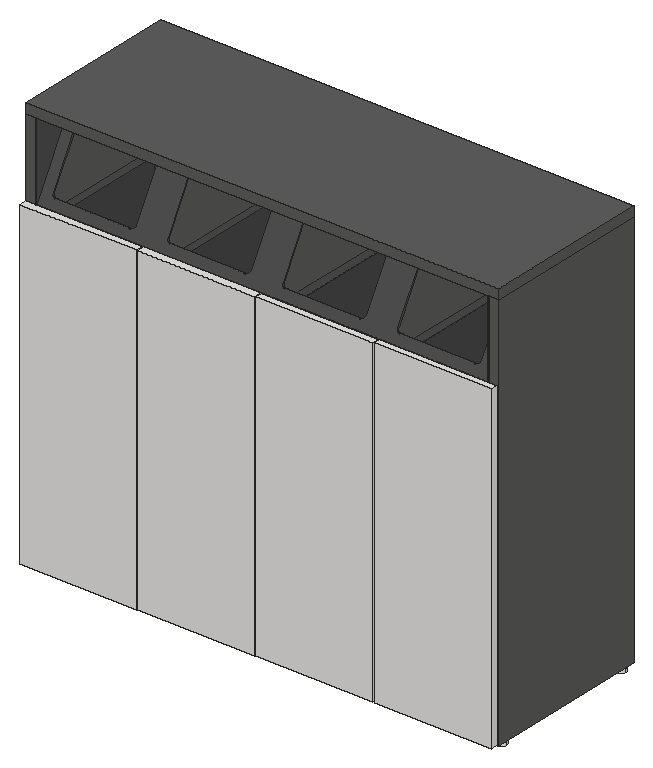
Revit family "Storage-Teknion-CESRUS_Recycling_Disposal_Unit_Standard_Bins-R2023", category Furniture, Revit 2023 (continued)
Dimensions and locks (in)
  aligned and locked: plane 10 to nested 1
  aligned and locked: nested 1 to plane 13
  aligned and locked: nested 2 to plane 13
  aligned and locked: plane 10 to nested 2
  aligned and locked: nested 4 to plane 13
  aligned and locked: plane 3 "Center Left/Right" to nested 4
  aligned and locked: plane 10 to nested 4
  aligned and locked: plane 10 to nested 3
  aligned and locked: plane 10 to nested 5
  aligned and locked: nested 3 to plane 13
  aligned and locked: nested 5 to plane 13
  aligned and locked: curve 36 to nested 2
  aligned and locked: curve 38 to nested 2
  aligned and locked: curve 40 to nested 2
  aligned and locked: curve 42 to nested 2
  aligned and locked: curve 44 to nested 2
  aligned and locked: curve 46 to nested 2
  aligned and locked: curve 48 to nested 2
  aligned and locked: curve 50 to nested 2
  aligned and locked: curve 52 to nested 2
  aligned and locked: curve 54 to nested 2
  aligned and locked: curve 56 to nested 2
  aligned and locked: curve 58 to nested 2
  aligned and locked: curve 60 to nested 1
  aligned and locked: curve 62 to nested 1
  aligned and locked: curve 64 to nested 1
  aligned and locked: curve 66 to nested 1
  aligned and locked: curve 68 to nested 1
  aligned and locked: curve 70 to nested 1
  aligned and locked: curve 72 to nested 1
  aligned and locked: curve 74 to nested 1
  aligned and locked: curve 76 to nested 1
  aligned and locked: curve 78 to nested 1
  aligned and locked: curve 80 to nested 1
  aligned and locked: curve 82 to nested 1
  aligned and locked: curve 84 to nested 4
  aligned and locked: curve 86 to nested 4
  aligned and locked: curve 88 to nested 4
  aligned and locked: curve 90 to nested 4
  aligned and locked: curve 92 to nested 4
  aligned and locked: curve 94 to nested 4
  aligned and locked: curve 96 to nested 4
  aligned and locked: curve 98 to nested 4
  aligned and locked: curve 100 to nested 4
  aligned and locked: curve 102 to nested 4
  aligned and locked: curve 104 to nested 4
  aligned and locked: curve 106 to nested 4
  aligned and locked: curve 108 to nested 3
  aligned and locked: curve 110 to nested 3
  aligned and locked: curve 112 to nested 3
  aligned and locked: curve 114 to nested 3
  aligned and locked: curve 116 to nested 3
  aligned and locked: curve 118 to nested 3
  aligned and locked: curve 120 to nested 3
  aligned and locked: curve 122 to nested 3
  aligned and locked: curve 124 to nested 3
  aligned and locked: curve 126 to nested 3
  aligned and locked: curve 128 to nested 3
  aligned and locked: curve 130 to nested 3
  aligned and locked: curve 132 to nested 5
  aligned and locked: curve 134 to nested 5
  aligned and locked: curve 136 to nested 5
  aligned and locked: curve 138 to nested 5
  aligned and locked: curve 140 to nested 5
  aligned and locked: curve 142 to nested 5
  aligned and locked: curve 144 to nested 5
  aligned and locked: curve 146 to nested 5
  aligned and locked: curve 148 to nested 5
  aligned and locked: curve 150 to nested 5
  aligned and locked: curve 152 to nested 5
  aligned and locked: curve 154 to nested 5
  aligned and locked: curve 156 to cut or joined group of Sweep 6, Sweep 19, Sweep 20, Sweep 21, Sweep 23, Sweep 24, Sweep 25
  aligned and locked: cut or joined group of Sweep 6, Sweep 19, Sweep 20, Sweep 21, Sweep 23, Sweep 24, Sweep 25 to curve 159
  aligned and locked: curve 162 to cut or joined group of Sweep 6, Sweep 19, Sweep 20, Sweep 21, Sweep 23, Sweep 24, Sweep 25
  aligned and locked: cut or joined group of Sweep 6, Sweep 19, Sweep 20, Sweep 21, Sweep 23, Sweep 24, Sweep 25 to curve 165
  aligned and locked: cut or joined group of Sweep 6, Sweep 19, Sweep 20, Sweep 21, Sweep 23, Sweep 24, Sweep 25 to curve 168
  aligned and locked: cut or joined group of Sweep 6, Sweep 19, Sweep 20, Sweep 21, Sweep 23, Sweep 24, Sweep 25 to curve 171
  aligned and locked: cut or joined group of Sweep 6, Sweep 19, Sweep 20, Sweep 21, Sweep 23, Sweep 24, Sweep 25 to curve 177
  aligned and locked: cut or joined group of Sweep 6, Sweep 19, Sweep 20, Sweep 21, Sweep 23, Sweep 24, Sweep 25 to curve 174
  aligned and locked: cut or joined group of Sweep 6, Sweep 19, Sweep 20, Sweep 21, Sweep 23, Sweep 24, Sweep 25 to curve 183
  aligned and locked: curve 180 to cut or joined group of Sweep 6, Sweep 19, Sweep 20, Sweep 21, Sweep 23, Sweep 24, Sweep 25
  aligned and locked: Sweep 23 to curve 157
  aligned and locked: curve 155 to Sweep 23
  aligned and locked: curve 158 to Sweep 23
  aligned and locked: Sweep 23 to curve 160
  aligned and locked: Sweep 24 to curve 184
  aligned and locked: curve 182 to Sweep 24
  aligned and locked: Sweep 24 to curve 181
  aligned and locked: curve 179 to Sweep 24
  aligned and locked: Sweep 23 to curve 178
  aligned and locked: curve 176 to Sweep 23
  aligned and locked: Sweep 23 to curve 175
  aligned and locked: curve 173 to Sweep 23
  aligned and locked: Sweep 25 to curve 166
  aligned and locked: curve 164 to Sweep 25
  aligned and locked: Sweep 25 to curve 163
  aligned and locked: curve 161 to Sweep 25
  aligned and locked: curve 167 to Sweep 25
  aligned and locked: Sweep 25 to curve 169
  aligned and locked: curve 170 to Sweep 25
  aligned and locked: Sweep 25 to curve 172
  aligned and locked: curve 185 to Sweep 5
  aligned and locked: curve 190 to cut or joined group of Sweep 13, Sweep 14, Sweep 15, Sweep 16, Sweep 17, Sweep 18
  aligned and locked: curve 191 to cut or joined group of Sweep 13, Sweep 14, Sweep 15, Sweep 16, Sweep 17, Sweep 18
  aligned and locked: curve 192 to cut or joined group of Sweep 13, Sweep 14, Sweep 15, Sweep 16, Sweep 17, Sweep 18
  aligned and locked: curve 193 to cut or joined group of Sweep 13, Sweep 14, Sweep 15, Sweep 16, Sweep 17, Sweep 18
  aligned and locked: curve 202 to cut or joined group of Sweep 13, Sweep 14, Sweep 15, Sweep 16, Sweep 17, Sweep 18
  aligned and locked: curve 203 to cut or joined group of Sweep 13, Sweep 14, Sweep 15, Sweep 16, Sweep 17, Sweep 18
  aligned and locked: curve 206 to cut or joined group of Sweep 13, Sweep 14, Sweep 15, Sweep 16, Sweep 17, Sweep 18
  aligned and locked: curve 207 to cut or joined group of Sweep 13, Sweep 14, Sweep 15, Sweep 16, Sweep 17, Sweep 18
  aligned and locked: curve 213 to cut or joined group of Sweep 13, Sweep 14, Sweep 15, Sweep 16, Sweep 17, Sweep 18
  aligned and locked: cut or joined group of Sweep 13, Sweep 14, Sweep 15, Sweep 16, Sweep 17, Sweep 18 to curve 214
  aligned and locked: cut or joined group of Sweep 13, Sweep 14, Sweep 15, Sweep 16, Sweep 17, Sweep 18 to curve 217
  aligned and locked: curve 218 to cut or joined group of Sweep 13, Sweep 14, Sweep 15, Sweep 16, Sweep 17, Sweep 18
  aligned and locked: cut or joined group of Sweep 13, Sweep 14, Sweep 15, Sweep 16, Sweep 17, Sweep 18 to curve 223
  aligned and locked: curve 224 to cut or joined group of Sweep 13, Sweep 14, Sweep 15, Sweep 16, Sweep 17, Sweep 18
  aligned and locked: nested 7 to plane 6 "Back"
  aligned and locked: nested 7 to plane 5 "Right"
  aligned and locked: plane 7 "Front" to nested 8
  aligned and locked: nested 8 to plane 5 "Right"
  aligned and locked: nested 9 to plane 4 "Left"
  aligned and locked: nested 9 to plane 7 "Front"
  aligned and locked: nested 10 to plane 3 "Center Left/Right"
  aligned and locked: plane 7 "Front" to nested 10
  aligned and locked: plane 7 "Front" to nested 12
  aligned and locked: plane 7 "Front" to nested 11
  aligned and locked: plane 7 "Front" to nested 13
  aligned and locked: plane 7 "Front" to nested 14
  aligned and locked: nested 6 to plane 6 "Back"
  aligned and locked: plane 4 "Left" to nested 6
  aligned and locked: curve 229 to plane 6 "Back"
  aligned and locked: curve 230 to plane 4 "Left"
  aligned and locked: plane 7 "Front" to curve 231
  aligned and locked: plane 5 "Right" to curve 232
Automatic sketch dimensions
  Sweep 16 sketch curve to profile plane = 0.000"  (x4)
  profile plane to Sweep 16 sketch curve = 5.9626"  (x2)
  Sweep 16 sketch curve to Sweep 16 sketch curve = 5.9626"
  Sweep 16 sketch curve to Sweep 16 sketch curve = 0.3937"  (x4)
  Sweep 16 sketch curve to profile plane = 0.3937"
  Sweep 16 sketch curve to Sweep 16 sketch curve = 7.7126"  (x2)
  Sweep 16 sketch curve to plane 3 "Center Left/Right" = 21.75098"
  plane 3 "Center Left/Right" to Sweep 16 sketch curve = 13.25098"
  Sweep 17 sketch curve to profile plane = 0.000"  (x2)
  profile plane to Sweep 17 sketch curve = 0.3937"  (x3)
  Sweep 17 sketch curve to Sweep 17 sketch curve = 0.3937"  (x5)
  Sweep 17 sketch curve to plane 3 "Center Left/Right" = 1.58366"
  Sweep 17 sketch curve to Sweep 17 sketch curve = 5.9626"  (x2)
  Sweep 17 sketch curve to Sweep 17 sketch curve = 7.7126"  (x2)
  plane 3 "Center Left/Right" to Sweep 17 sketch curve = 1.97736"
  profile plane to Sweep 18 sketch curve = 0.06102"  (x3)
  Sweep 18 sketch curve to profile plane = 0.33268"  (x6)
  Sweep 18 sketch curve to Sweep 18 sketch curve = 6.02362"  (x4)
  Sweep 18 sketch curve to Sweep 18 sketch curve = 0.3937"  (x3)
  Sweep 18 sketch curve to plane 3 "Center Left/Right" = 15.80643"
  Sweep 18 sketch curve to plane 3 "Center Left/Right" = 7.70013"
  Sweep 18 sketch curve to Sweep 18 sketch curve = 0.000"  (x2)
  Sweep 18 sketch curve to Sweep 18 sketch curve = 3.05643"  (x2)
  plane 3 "Center Left/Right" to Sweep 18 sketch curve = 3.8563"
  Sweep 18 sketch curve to Sweep 18 sketch curve = 7.7126"
  plane 3 "Center Left/Right" to Sweep 21 sketch curve = 12.000"
  Sweep 22 sketch curve to Sweep 22 sketch curve = 0.500"  (x4)
  Sweep 22 sketch curve to Sweep 22 sketch curve = 0.000"  (x8)
  Sweep 23 sketch curve to Sweep 23 sketch curve = 0.15748"  (x4)
  Sweep 23 sketch curve to Sweep 23 sketch curve = 0.000"  (x8)
  Sweep 24 sketch curve to Sweep 24 sketch curve = 0.15748"  (x2)
  Sweep 24 sketch curve to Sweep 24 sketch curve = 1.83071"
  Sweep 24 sketch curve to Sweep 24 sketch curve = 0.000"  (x3)
  Sweep 25 sketch curve to Sweep 25 sketch curve = 0.15748"  (x4)
  Sweep 25 sketch curve to Sweep 25 sketch curve = 0.000"  (x8)
  plane 7 "Front" to curve 155 = 0.000"
  plane 7 "Front" to curve 157 = 0.000"
  plane 7 "Front" to curve 158 = 0.000"
  plane 7 "Front" to curve 160 = 0.000"
  plane 7 "Front" to curve 179 = 0.000"
  plane 7 "Front" to curve 181 = 0.000"
  plane 7 "Front" to curve 182 = 0.000"
  plane 7 "Front" to curve 184 = 0.000"
  plane 7 "Front" to curve 173 = 0.000"
  plane 7 "Front" to curve 175 = 0.000"
  plane 7 "Front" to curve 176 = 0.000"
  plane 7 "Front" to curve 178 = 0.000"
  plane 7 "Front" to curve 163 = 0.000"
  plane 7 "Front" to curve 164 = 0.000"
  plane 7 "Front" to curve 166 = 0.000"
  plane 7 "Front" to curve 161 = 0.000"
  plane 7 "Front" to curve 172 = 0.000"
  plane 7 "Front" to curve 167 = 0.000"
  plane 7 "Front" to curve 169 = 0.000"
  plane 7 "Front" to curve 170 = 0.000"
  curve 3 to plane 6 "Back" = 0.000"
  curve 2 to plane 6 "Back" = 0.000"
  curve 19 to curve 24 = 0.000"
  curve 182 to curve 9 = 1.44173"
  curve 180 to curve 8 = 1.44173"
  curve 27 to curve 27 = 0.000"
  curve 109 to curve 27 = 0.08661"
  curve 29 to curve 30 = 0.000"
  curve 137 to curve 29 = 0.08661"
  curve 31 to curve 1 = 0.29921"
  curve 31 to curve 31 = 0.000"
  curve 34 to curve 1 = 0.29921"
  curve 33 to curve 33 = 0.000"
  curve 185 to plane 4 "Left" = 0.000"
  curve 185 to plane 5 "Right" = 0.000"
  curve 202 to plane 7 "Front" = 1.33858"
  curve 63 to curve 208 = 0.37402"
  curve 196 to plane 7 "Front" = 1.33858"
  curve 41 to curve 191 = 0.37402"
  curve 50 to curve 187 = 2.19544"
  curve 192 to curve 10 = 1.14196"
  curve 80 to curve 207 = 2.19544"
  curve 152 to curve 199 = 2.19544"
  curve 194 to curve 210 = 0.3937"
  curve 210 to curve 194 = 0.3937"
  curve 188 to curve 189 = 0.04091"
  curve 200 to curve 201 = 0.04091"
  curve 207 to curve 209 = 0.04091"
  curve 192 to curve 197 = 0.04091"
  curve 198 to curve 199 = 0.04091"
  curve 210 to curve 192 = 0.04091"
  curve 186 to curve 187 = 0.04091"
  curve 204 to curve 205 = 0.04091"
  curve 194 to curve 193 = 0.04091"
  curve 171 to curve 228 = 1.94173"
  curve 161 to curve 214 = 1.94173"
  curve 87 to curve 217 = 0.37402"
  curve 217 to curve 222 = 0.04091"
  curve 224 to curve 227 = 0.04091"
  curve 104 to curve 219 = 2.15453"
  curve 225 to curve 205 = 0.04091"
  curve 225 to curve 224 = 0.04091"
  curve 219 to curve 217 = 0.04091"
  curve 210 to curve 214 = 0.04091"
  curve 211 to curve 212 = 0.04091"
  curve 215 to curve 213 = 0.04091"
Nested families (in)
  nested 1: "Bin" at (35.4859, 0, 0), visible <- "Q - Quad", type "Bin"
    with To render please download texture images found here "https://assets.teknion.com/web/5e81352c1dfdb467/revit-material-swatches/", How To Use Teknion Materials User Guide "https://assets.teknion.com/m/205dd0a49fa58060/original/How-to-add-a-Material-Library-and-Texture-Images-to-your-Revit-project.pdf", For Additional Finishes please visit "https://assets.teknion.com/m/44a8009b046e5d47/original/Teknion_Materials_Library.zip"
  nested 2: "Bin" at (0.15157, 0, 0), visible <- "Q - Quad", type "Bin"
    with To render please download texture images found here "https://assets.teknion.com/web/5e81352c1dfdb467/revit-material-swatches/", How To Use Teknion Materials User Guide "https://assets.teknion.com/m/205dd0a49fa58060/original/How-to-add-a-Material-Library-and-Texture-Images-to-your-Revit-project.pdf", For Additional Finishes please visit "https://assets.teknion.com/m/44a8009b046e5d47/original/Teknion_Materials_Library.zip"
  nested 3: "Bin" at (12.0689, 0, 0), type "Bin"
    with To render please download texture images found here "https://assets.teknion.com/web/5e81352c1dfdb467/revit-material-swatches/", How To Use Teknion Materials User Guide "https://assets.teknion.com/m/205dd0a49fa58060/original/How-to-add-a-Material-Library-and-Texture-Images-to-your-Revit-project.pdf", For Additional Finishes please visit "https://assets.teknion.com/m/44a8009b046e5d47/original/Teknion_Materials_Library.zip"
  nested 4: "Bin" at (17.8189, 0, 0), visible <- "T - Triple", type "Bin"
    with To render please download texture images found here "https://assets.teknion.com/web/5e81352c1dfdb467/revit-material-swatches/", How To Use Teknion Materials User Guide "https://assets.teknion.com/m/205dd0a49fa58060/original/How-to-add-a-Material-Library-and-Texture-Images-to-your-Revit-project.pdf", For Additional Finishes please visit "https://assets.teknion.com/m/44a8009b046e5d47/original/Teknion_Materials_Library.zip"
  nested 5: "Bin" at (23.5689, 0, 0), type "Bin"
    with To render please download texture images found here "https://assets.teknion.com/web/5e81352c1dfdb467/revit-material-swatches/", How To Use Teknion Materials User Guide "https://assets.teknion.com/m/205dd0a49fa58060/original/How-to-add-a-Material-Library-and-Texture-Images-to-your-Revit-project.pdf", For Additional Finishes please visit "https://assets.teknion.com/m/44a8009b046e5d47/original/Teknion_Materials_Library.zip"
  nested 6: "Teknion_2D_Node_Family-R2016" at (0, -6, 0), type "Teknion_2D_Node_Family-R2016"
  nested 7: "Teknion_2D_Node_Family-R2016" at (48, -6, 0), type "Teknion_2D_Node_Family-R2016"
  nested 8: "Teknion_2D_Node_Family-R2016" at (48, -24, 0), type "Teknion_2D_Node_Family-R2016"
  nested 9: "Teknion_2D_Node_Family-R2016" at (0, -24, 0), type "Teknion_2D_Node_Family-R2016"
  nested 10: "Teknion_2D_Node_Family-R2016" at (24, -24, 0), visible <- "2D & Node - Symbol - 3 Doors", type "Teknion_2D_Node_Family-R2016"
  nested 11: "Teknion_2D_Node_Family-R2016" at (18.25, -24, 0), visible <- "2D & Node - Symbol - 2 & 3 Doors", type "Teknion_2D_Node_Family-R2016"
  nested 12: "Teknion_2D_Node_Family-R2016" at (29.75, -24, 0), visible <- "2D & Node - Symbol - 2 & 3 Doors", type "Teknion_2D_Node_Family-R2016"
  nested 13: "Teknion_2D_Node_Family-R2016" at (6.33268, -24, 0), visible <- "2D & Node - Symbol - 4 Doors", type "Teknion_2D_Node_Family-R2016"
  nested 14: "Teknion_2D_Node_Family-R2016" at (41.667, -24, 0), visible <- "2D & Node - Symbol - 4 Doors", type "Teknion_2D_Node_Family-R2016"
Definition of nested family "Bin"
  Parameters (values of type "Bin")
    Warranty = "http://www.teknion.com/ca/papers/legal-canada"
    Unit Weight URL = "http://www.teknion.com/ca/tools/assets#&asset=bee6a381-b954-425e-8283-5a2de3a804f2,f828d448-4b62-4231-9e5f-9a8991c0ed77"
    URL = "www.teknion.com"
    To render please download texture images found here [instance] = "https://assets.teknion.com/web/5e81352c1dfdb467/revit-material-swatches/"
    Sustainability Data = "https://www.teknion.com/ca/tools/assets#&topic=216f99a5-57a0-44fc-b10a-9dee9b29ae4c&asset=444deb64-fe58-4b68-981e-f75e97781df7,b4ff2d81-9f2e-437d-9659-7cffb09c31cf"
    Series = ""
    Product Page URL = ""
    Product Line = ""
    Product Documentation Link = ""
    Part Number = ""
    Model = ""
    Manufacturer Phone = "416-661-3370"  # constant formula
    Manufacturer Fax = "416.661.4586"  # constant formula
    Manufacturer Contact Information = "http://www.teknion.com/ca/contactus"
    Manufacturer Address = "1150 Flint Road, Toronto, ON. M3J 2J5. Canada"  # constant formula
    Manufacturer = "Teknion"  # constant formula
    How To Use Teknion Materials User Guide [instance] = "https://assets.teknion.com/m/205dd0a49fa58060/original/How-to-add-a-Material-Library-and-Texture-Images-to-your-Revit-project.pdf"
    For Additional Finishes please visit [instance] = "https://assets.teknion.com/m/44a8009b046e5d47/original/Teknion_Materials_Library.zip"
    Description = "Bin"
    Default Elevation = 0.000"
    Assembly Code = "E2020200"
  Reference planes (in)
    plane 1 "Center Front/Back": y = -15.53543
    plane 2: z = 0
    plane 3 "Center Left/Right": x = 6.1811
    plane 4 "Left": x = 1.1811
    plane 5 "Right": x = 11.1811
    plane 6 "Back": y = -8.03543
    plane 7 "Front": y = -23.03543
    plane 8 "Top": z = 31.91102
    plane 9: z = 11.43858
  Forms (in)
    Sweep 1, solid
      path origin (0, -15.53543, 0) x (1, 0, 0) y (0, 0, 1)
        loop
          line (6.1811, 11.43858) -> (6.1811, 30.72992)
      profile origin (6.1811, -15.53543, 21.08425) x (-1, 0, 0) y (0, -1, 0)
        loop
          line (-4.40945, 5.98425) -> (-4.40945, -5.98425)
          arc (-4.40945, -5.98425) -> (-4.17882, -6.54103) -> (-3.62205, -6.77165) r 0.7874
          line (-3.62205, -6.77165) -> (3.62205, -6.77165)
          arc (3.62205, -6.77165) -> (4.17882, -6.54103) -> (4.40945, -5.98425) r 0.7874
          line (4.40945, -5.98425) -> (4.40945, 5.98425)
          arc (4.40945, 5.98425) -> (4.17882, 6.54103) -> (3.62205, 6.77165) r 0.7874
          line (3.62205, 6.77165) -> (-3.62205, 6.77165)
          arc (-3.62205, 6.77165) -> (-4.17882, 6.54103) -> (-4.40945, 5.98425) r 0.7874
    Sweep 2, solid
      path origin (0, -15.53543, 0) x (1, 0, 0) y (0, 0, 1)
        loop
          line (6.1811, 31.91102) -> (6.1811, 30.72992)
      profile origin (6.1811, -15.53543, 31.32047) x (0, -1, 0) y (1, 0, 0)
        loop
          line (6.7126, 5) -> (-6.7126, 5)
          arc (-6.7126, 5) -> (-7.26938, 4.76938) -> (-7.5, 4.2126) r 0.7874
          line (-7.5, 4.2126) -> (-7.5, -4.2126)
          arc (-7.5, -4.2126) -> (-7.26938, -4.76938) -> (-6.7126, -5) r 0.7874
          line (-6.7126, -5) -> (6.7126, -5)
          arc (6.7126, -5) -> (7.26938, -4.76938) -> (7.5, -4.2126) r 0.7874
          line (7.5, -4.2126) -> (7.5, 4.2126)
          arc (7.5, 4.2126) -> (7.26938, 4.76938) -> (6.7126, 5) r 0.7874
    Sweep 3, void
      path origin (0, -15.53543, 0) x (1, 0, 0) y (0, 0, 1)
        loop
          line (6.1811, 12.22598) -> (6.1811, 33.22598)
      profile origin (6.1811, -15.53543, 22.72598) x (-1, 0, 0) y (0, -1, 0)
        loop
          line (4.17323, -5.90551) -> (4.17323, 5.90551)
          arc (4.17323, 5.90551) -> (4.00026, 6.32309) -> (3.58268, 6.49606) r 0.59055
          line (3.58268, 6.49606) -> (-3.58268, 6.49606)
          arc (-3.58268, 6.49606) -> (-4.00026, 6.32309) -> (-4.17323, 5.90551) r 0.59055
          line (-4.17323, 5.90551) -> (-4.17323, -5.90551)
          arc (-4.17323, -5.90551) -> (-4.00026, -6.32309) -> (-3.58268, -6.49606) r 0.59055
          line (-3.58268, -6.49606) -> (3.58268, -6.49606)
          arc (3.58268, -6.49606) -> (4.00026, -6.32309) -> (4.17323, -5.90551) r 0.59055
  Cuts and joins
    Sweep 3 cuts Sweep 1
    Sweep 3 cuts Sweep 2
    joined: Sweep 1, Sweep 2
  Lines and regions (in)
    symbolic lines, detail levels medium+fine
      curve 1: line (10.3937, -8.03543, 0) -> (1.9685, -8.03543, 0)
      curve 2: arc (1.9685, -8.03543, 0) -> (1.41173, -8.26606, 0) -> (1.1811, -8.82283, 0) r 0.7874
      curve 3: line (1.1811, -8.82283, 0) -> (1.1811, -22.24803, 0)
      curve 4: arc (1.1811, -22.24803, 0) -> (1.41173, -22.80481, 0) -> (1.9685, -23.03543, 0) r 0.7874
      curve 5: line (1.9685, -23.03543, 0) -> (10.3937, -23.03543, 0)
      curve 6: arc (10.3937, -23.03543, 0) -> (10.95048, -22.80481, 0) -> (11.1811, -22.24803, 0) r 0.7874
      curve 7: line (11.1811, -22.24803, 0) -> (11.1811, -8.82283, 0)
      curve 8: arc (11.1811, -8.82283, 0) -> (10.95048, -8.26606, 0) -> (10.3937, -8.03543, 0) r 0.7874
      curve 9: line (2.59843, -9.03937, 0) -> (9.76378, -9.03937, 0)
      curve 10: arc (9.76378, -9.03937, 0) -> (10.18136, -9.21234, 0) -> (10.35433, -9.62992, 0) r 0.59055
      curve 11: line (10.35433, -9.62992, 0) -> (10.35433, -21.44094, 0)
      curve 12: arc (10.35433, -21.44094, 0) -> (10.18136, -21.85853, 0) -> (9.76378, -22.0315, 0) r 0.59055
      curve 13: line (9.76378, -22.0315, 0) -> (2.59843, -22.0315, 0)
      curve 14: arc (2.59843, -22.0315, 0) -> (2.18084, -21.85853, 0) -> (2.00787, -21.44094, 0) r 0.59055
      curve 15: line (2.00787, -21.44094, 0) -> (2.00787, -9.62992, 0)
      curve 16: arc (2.00787, -9.62992, 0) -> (2.18084, -9.21234, 0) -> (2.59843, -9.03937, 0) r 0.59055
      curve 17: line (9.80315, -8.76378, 0) -> (2.55906, -8.76378, 0)
      curve 18: line (1.77165, -9.55118, 0) -> (1.77165, -21.51969, 0)
      curve 19: line (2.55906, -22.30709, 0) -> (9.80315, -22.30709, 0)
      curve 20: arc (1.77165, -9.55118, 0) -> (2.00228, -8.9944, 0) -> (2.55906, -8.76378, 0) r 0.7874
      curve 21: arc (1.77165, -21.51969, 0) -> (2.00228, -22.07646, 0) -> (2.55906, -22.30709, 0) r 0.7874
      curve 22: arc (10.59055, -21.51969, 0) -> (10.35993, -22.07646, 0) -> (9.80315, -22.30709, 0) r 0.7874
      curve 23: arc (10.59055, -9.55118, 0) -> (10.35993, -8.9944, 0) -> (9.80315, -8.76378, 0) r 0.7874
      curve 24: line (10.59055, -21.51969, 0) -> (10.59055, -9.55118, 0)
  Dimensions and locks (in)
    plane 4 "Left" to plane 5 "Right" = 10.000"
    plane 6 "Back" to plane 7 "Front" = 15.000"
    plane 8 "Top" to level = 31.91102"
    equal spacing: plane 6 "Back", plane 1 "Center Front/Back", plane 7 "Front"
    equal spacing: plane 4 "Left", plane 3 "Center Left/Right", plane 5 "Right"
    locked: plane 9 to plane 2 at 11.43858
    aligned and locked: level to plane 2
    aligned and locked: curve 24 to cut or joined group of Sweep 1, Sweep 2, Sweep 3
  Automatic sketch dimensions
    Sweep 1 sketch curve to plane 3 "Center Left/Right" = 0.000"
    Sweep 1 sketch curve to plane 9 = 0.000"
    Sweep 1 sketch curve to plane 8 "Top" = 1.1811"
    profile plane to Sweep 1 sketch curve = 4.40945"
    Sweep 1 sketch curve to Sweep 1 sketch curve = 0.7874"  (x3)
    Sweep 1 sketch curve to profile plane = 3.62205"  (x2)
    Sweep 1 sketch curve to plane 1 "Center Front/Back" = 6.77165"
    plane 1 "Center Front/Back" to Sweep 1 sketch curve = 5.98425"
    Sweep 2 sketch curve to plane 3 "Center Left/Right" = 0.000"
    Sweep 2 sketch curve to plane 8 "Top" = 0.000"
    Sweep 2 sketch curve to Sweep 2 sketch curve = 1.1811"
    Sweep 2 sketch curve to plane 1 "Center Front/Back" = 7.500"
    Sweep 2 sketch curve to Sweep 2 sketch curve = 0.7874"  (x3)
    plane 1 "Center Front/Back" to Sweep 2 sketch curve = 6.7126"  (x2)
    profile plane to Sweep 2 sketch curve = 5.000"
    Sweep 2 sketch curve to profile plane = 4.2126"
    Sweep 3 sketch curve to plane 3 "Center Left/Right" = 0.000"
    plane 9 to Sweep 3 sketch curve = 0.7874"
    plane 8 "Top" to Sweep 3 sketch curve = 1.31496"
    profile plane to Sweep 3 sketch curve = 4.17323"
    Sweep 3 sketch curve to Sweep 3 sketch curve = 0.59055"  (x3)
    Sweep 3 sketch curve to profile plane = 3.58268"  (x2)
    Sweep 3 sketch curve to plane 1 "Center Front/Back" = 6.49606"
    plane 1 "Center Front/Back" to Sweep 3 sketch curve = 5.90551"
    curve 3 to plane 4 "Left" = 0.000"
    plane 7 "Front" to curve 4 = 0.000"
    curve 1 to plane 6 "Back" = 0.000"
    curve 8 to plane 5 "Right" = 0.000"
    plane 4 "Left" to curve 18 = 0.59055"
    plane 4 "Left" to curve 5 = 0.7874"
    plane 4 "Left" to curve 1 = 0.7874"
    curve 18 to curve 15 = 0.23622"
    curve 16 to curve 20 = 0.55118"
    curve 4 to curve 19 = 0.59055"
    curve 21 to curve 14 = 0.03937"
    curve 20 to curve 9 = 0.03937"
    plane 5 "Right" to curve 9 = 1.41732"
    curve 12 to curve 22 = 0.03937"
    curve 10 to curve 23 = 0.03937"
    curve 22 to curve 11 = 0.55118"
    plane 5 "Right" to curve 5 = 0.7874"
    curve 17 to curve 8 = 0.59055"
    curve 19 to curve 6 = 0.05906"
    curve 22 to curve 12 = 0.07874"
    curve 16 to curve 2 = 0.80709"
    curve 10 to curve 23 = 0.07874"
    curve 16 to curve 20 = 0.07874"
Definition of nested family "Teknion_2D_Node_Family-R2016"
  Reference planes (in)
    plane 1 "Center (Front/Back)": y = 0
    plane 2: z = 0
    plane 3 "Center (Left/Right)": x = 0
  Lines and regions (in)
    detail lines, in view "Ref. Level"
      curve 1: circle (0, 0, 0) r 1.25 normal (0, 0, 1)
      curve 2: line (1.91508, -1.91508, 0) -> (-1.91508, 1.91508, 0)
      curve 3: line (-1.91508, -1.91508, 0) -> (1.91508, 1.91508, 0)
Types (4): name | Width | T - Triple | Q - Quad | Opening Fascia Finish | Model | MR - 4 Doors | MR - 3 Doors | Hidden - Divider 3 | Hidden - Divider 2 | Hidden - Divider 1 | Front Finish | Divider 3 | Divider 2 | Divider 1 | Dim 3 | Dim 2 | Dim 1 | Description | D - Dual | Cut-Out - 4 Bins | Cut-Out - 3 Bins | Cut-Out - 2 Bins | Cut - Divider - 3 | Cut - Divider - 2 | Cut - Divider - 1 | Cut - 3 & 4 Doors | Cut - 2 & 4 Doors | Case Finish | 2D - 4 Bins | 2D - 3 Bins | 2D - 2 & 4 Bins
  (no name) | 48.000" | no | yes | Paint - Teknion - Foundation - Ebony | "CESRUSQ__12____" | yes | no | no | no | no | Grade 2 Laminate - Teknion - W4 -Crisp Grey Matte | yes | yes | yes | 5.085" | 5.750" | 12.000" | "Recycling/Disposal Unit - Standard Bins, Quad Configuration, 12\" Door Width" | no | 1.000" | 0.200" | 1.000" | 3.000" | 3.000" | 3.000" | 2.500" | 2.500" | Source Laminate - Teknion - LE - Ebony | yes | no | yes
  Dual Configuration | 24.000" | no | no | Paint - Teknion - Mica - Platinum | "CESRUSD__12____" | no | no | yes | no | yes | Source Laminate - Teknion - 3M - Provincial Oak | no | yes | no | 5.085" | 5.750" | 8.000" | "Recycling/Disposal Unit - Standard Bins, Dual Configuration, 12\" Door Width" | yes | 0.200" | 0.200" | 1.000" | 0.300" | 3.000" | 0.300" | 0.300" | 2.500" | Source Laminate - Teknion - 3M - Provincial Oak | no | no | yes
  Triple Configuration | 36.000" | yes | no | Paint - Teknion - Accent - Blue Sage | "CESRUST__12____" | no | yes | no | yes | no | Veneer - Teknion - VB - Flintwood - Black Walnut | yes | no | yes | 11.085" | 11.667" | 6.000" | "Recycling/Disposal Unit - Standard Bins, Triple Configuration, 12\" Door Width" | no | 0.200" | 1.500" | 0.200" | 3.000" | 0.300" | 3.000" | 2.500" | 0.300" | Source Laminate - Teknion - RV - Very White | no | yes | no
  Quad Configuration | 48.000" | no | yes | Paint - Teknion - Foundation - Ebony | "CESRUSQ__12____" | yes | no | no | no | no | Grade 2 Laminate - Teknion - W4 -Crisp Grey Matte | yes | yes | yes | 5.085" | 5.750" | 12.000" | "Recycling/Disposal Unit - Standard Bins, Quad Configuration, 12\" Door Width" | no | 1.000" | 0.200" | 1.000" | 3.000" | 3.000" | 3.000" | 2.500" | 2.500" | Source Laminate - Teknion - LE - Ebony | yes | no | yes
